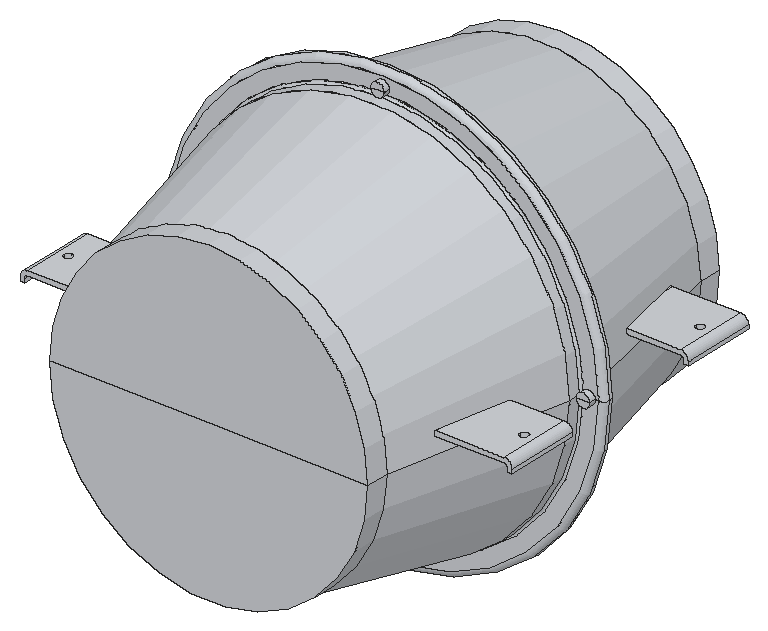
Revit family "FY-35DSM", category Mechanical Equipment, Revit 2024
Family settings
  Round Connector Dimension = Use Diameter
  Part Type = Normal
  OmniClass Number = 23.75.00.00
  OmniClass Title = Climate Control (HVAC)
  Work Plane-Based = No
  Always vertical = Yes
  Cut with Voids When Loaded = No
  Maintain Annotation Orientation = No
  Shared = No
  Room Calculation Point = No
Parameters
  Default Elevation = 0 mm
Reference planes
  plane 1 "Center (Front/Back)": y = 0
  plane 2: z = 0
  plane 3 "Center (Left/Right)": x = 0
  plane 4 "2": y = -205
Forms (mm)
  Revolve 1, solid
    sketch origin (0, 0, 0) x (1, 0, 0) y (0, 1, 0)
      loop
        line (0, 205) -> (0, -205) -> (149, -205) -> (149, -183.5) -> (185, -14.639) -> (185, -3.6)
        arc (185, -3.6) -> (185.745, -2.043) -> (187.425, -1.646) r 2
        line (187.425, -1.646) -> (201.74, -1.646)
        arc (201.74, -1.646) -> (205.813, 0.041) -> (207.5, 4.114) r 5.76
        line (207.5, 4.114) -> (207.5, 6.857) -> (185, 6.857) -> (185, 14.639) -> (149, 183.5) -> (149, 205) -> (0, 205)
      axis (0, 205) -> (0, -205)
    angle from 0 to 360
  Extrusion 2, solid
    sketch origin (0, 0, 0) x (1, 0, 0) y (0, 0, 1)
      loop
        line (-225.611, 9.029) -> (-225.611, 12.869)
        arc (-225.611, 12.869) -> (-224.811, 14.805) -> (-222.877, 15.611) r 2.743
        line (-222.877, 15.611) -> (-159.712, 15.611)
        arc (-159.712, 15.611) -> (-156.595, 14.317) -> (-155.319, 11.192) r 4.389
        line (-155.319, 11.192) -> (-155.319, -17.257) -> (-155.964, -20) -> (-151.699, -20) -> (-151.053, -17.257) -> (-151.053, 11.475)
        arc (-151.053, 11.475) -> (-153.539, 17.504) -> (-159.563, 20) r 8.503
        line (-159.563, 20) -> (-222.594, 20)
        arc (-222.594, 20) -> (-227.832, 17.83) -> (-230, 12.59) r 7.406
        line (-230, 12.59) -> (-230, 9.029) -> (-225.611, 9.029)
    from 68 to 138
  Extrusion 3, void
    sketch origin (0, 0, 0) x (1, 0, 0) y (0, 1, 0)
      loop
        circle (-213, -103) r 4
    from 15.611 to 20
  Extrusion 4, solid
    sketch origin (0, 0, 0) x (-1, 0, 0) y (0, 0, -1)
      loop
        line (-225.611, -9.029) -> (-230, -9.029) -> (-230, -12.59)
        arc (-230, -12.59) -> (-227.832, -17.83) -> (-222.594, -20) r 7.406
        line (-222.594, -20) -> (-159.563, -20)
        arc (-159.563, -20) -> (-153.539, -17.504) -> (-151.053, -11.475) r 8.503
        line (-151.053, -11.475) -> (-151.053, 17.257) -> (-151.699, 20) -> (-155.964, 20) -> (-155.319, 17.257) -> (-155.319, -11.192)
        arc (-155.319, -11.192) -> (-156.595, -14.317) -> (-159.712, -15.611) r 4.389
        line (-159.712, -15.611) -> (-222.877, -15.611)
        arc (-222.877, -15.611) -> (-224.811, -14.805) -> (-225.611, -12.869) r 2.743
        line (-225.611, -12.869) -> (-225.611, -9.029)
    from 68 to 138
  Extrusion 5, void
    sketch origin (0, 0, 0) x (-1, 0, 0) y (0, -1, 0)
      loop
        circle (-213, 103) r 4
    from 15.611 to 20
  Extrusion 6, solid
    sketch origin (0, 0, 0) x (1, 0, 0) y (0, 0, -1)
      loop
        line (-225.611, -9.029) -> (-230, -9.029) -> (-230, -12.59)
        arc (-230, -12.59) -> (-227.832, -17.83) -> (-222.594, -20) r 7.406
        line (-222.594, -20) -> (-159.563, -20)
        arc (-159.563, -20) -> (-153.539, -17.504) -> (-151.053, -11.475) r 8.503
        line (-151.053, -11.475) -> (-151.053, 17.257) -> (-151.699, 20) -> (-155.964, 20) -> (-155.319, 17.257) -> (-155.319, -11.192)
        arc (-155.319, -11.192) -> (-156.595, -14.317) -> (-159.712, -15.611) r 4.389
        line (-159.712, -15.611) -> (-222.877, -15.611)
        arc (-222.877, -15.611) -> (-224.811, -14.805) -> (-225.611, -12.869) r 2.743
        line (-225.611, -12.869) -> (-225.611, -9.029)
    from 68 to 138
  Extrusion 7, void
    sketch origin (0, 0, 0) x (1, 0, 0) y (0, 1, 0)
      loop
        circle (-213, 103) r 4
    from 15.611 to 20
  Extrusion 8, solid
    sketch origin (0, 0, 0) x (-1, 0, 0) y (0, 0, 1)
      loop
        line (-225.611, 9.029) -> (-225.611, 12.869)
        arc (-225.611, 12.869) -> (-224.811, 14.805) -> (-222.877, 15.611) r 2.743
        line (-222.877, 15.611) -> (-159.712, 15.611)
        arc (-159.712, 15.611) -> (-156.595, 14.317) -> (-155.319, 11.192) r 4.389
        line (-155.319, 11.192) -> (-155.319, -17.257) -> (-155.964, -20) -> (-151.699, -20) -> (-151.053, -17.257) -> (-151.053, 11.475)
        arc (-151.053, 11.475) -> (-153.539, 17.504) -> (-159.563, 20) r 8.503
        line (-159.563, 20) -> (-222.594, 20)
        arc (-222.594, 20) -> (-227.832, 17.83) -> (-230, 12.59) r 7.406
        line (-230, 12.59) -> (-230, 9.029) -> (-225.611, 9.029)
    from 68 to 138
  Extrusion 9, void
    sketch origin (0, 0, 0) x (-1, 0, 0) y (0, -1, 0)
      loop
        circle (-213, -103) r 4
    from 15.611 to 20
  Revolve 10, solid
    sketch origin (0, 0, 0) x (1, 0, 0) y (0, 1, 0)
      loop
        line (186.166, -2.331) -> (186.166, -7.817) -> (192.5, -7.817) -> (192.5, -1.646) -> (187.256, -1.646) -> (187.256, -2.488) -> (186.166, -2.488)
      axis (192.5, -1.646) -> (192.5, -7.817)
    angle from 0 to 360
  Revolve 11, solid
    sketch origin (0, 0, 0) x (-1, 0, 0) y (0, -1, 0)
      loop
        line (186.166, 2.331) -> (186.166, 7.817) -> (192.5, 7.817) -> (192.5, 1.646) -> (187.256, 1.646) -> (187.256, 2.488) -> (186.166, 2.488)
      axis (192.5, 1.646) -> (192.5, 7.817)
    angle from 0 to 360
  Revolve 12, solid
    sketch origin (-192.5, 0, 192.5) x (1, 0, 0) y (0, 1, 0)
      loop
        line (186.166, -2.331) -> (186.166, -7.817) -> (192.5, -7.817) -> (192.5, -1.646) -> (187.256, -1.646) -> (187.256, -2.488) -> (186.166, -2.488)
      axis (192.5, -1.646) -> (192.5, -7.817)
    angle from 0 to 360
  Revolve 13, solid
    sketch origin (-192.5, 0, -192.5) x (0, -1, 0) y (1, 0, 0)
      loop
        line (2.331, 186.166) -> (7.817, 186.166) -> (7.817, 192.5) -> (1.646, 192.5) -> (1.646, 187.256) -> (2.488, 187.256) -> (2.488, 186.166)
      axis (1.646, 192.5) -> (7.817, 192.5)
    angle from 0 to 360
Cuts and joins
  Extrusion 3, Extrusion 5, Extrusion 7 cuts Extrusion 2
  Extrusion 5, Extrusion 9 cuts Extrusion 4
  Extrusion 7 cuts Extrusion 6
  Extrusion 9 cuts Extrusion 8
Dimensions and locks
  aligned and locked: level to plane 2
Connectors
  hvac at (0, 205, 0)
    settings: on Revolve 1, index 1, duct flow 0.0 L/s, flow factor 0, pres drop 0.0 Pa, loss coef 0, conn angle 0.00°, conn width 304.8 mm, conn height 304.8 mm, conn diameter 300 mm, duct sys type 3, conn prof type 0, flow config 0, flow direction 0, loss method 0, conn ref index -1, conn util no, is conn primary yes, conn desc ""
  hvac at (0, -205, 0)
    settings: index 2, duct flow 0.0 L/s, flow factor 0, pres drop 0.0 Pa, loss coef 0, conn angle 0.00°, conn width 304.8 mm, conn height 304.8 mm, conn diameter 300 mm, duct sys type 3, conn prof type 0, flow config 0, flow direction 0, loss method 0, conn ref index -1, conn util no, is conn primary no, conn desc ""
